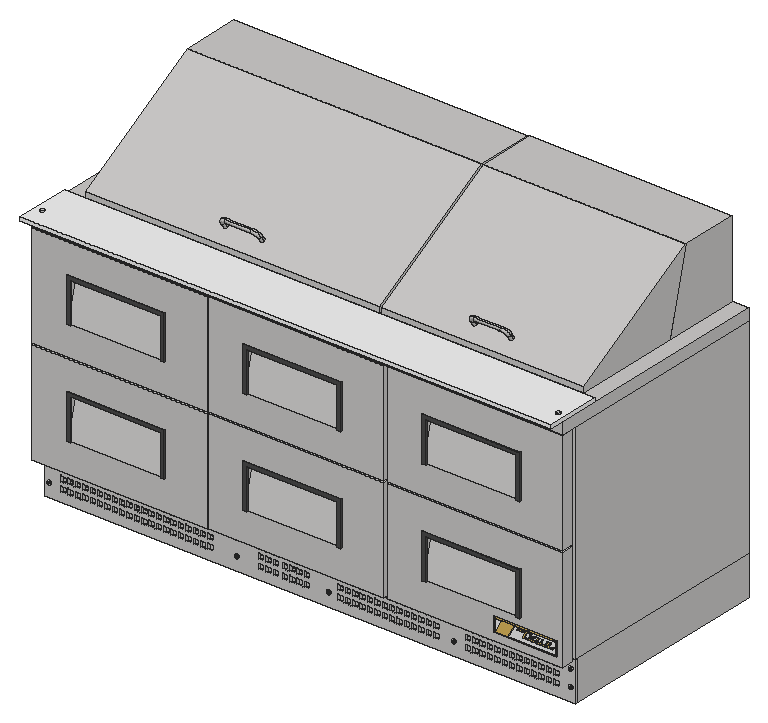
Revit family (continued)
Forms (in)
  Extrusion 66, solid, material "QF_Finishes_Handrails and Railings"
    sketch origin (34.76605, -12.67471, -2.21999) x (0, 1, 0) y (0, 0, -1)
      loop
        line (-31.51386, -4.98574) -> (-28.76575, -4.98574) -> (-28.76575, -3.40024)
        arc (-28.76575, -3.40024) -> (-29.21858, -2.8289) -> (-29.89421, -3.10275) r 0.60806
        line (-29.89421, -3.10275) -> (-31.17057, -4.78914) -> (-31.51386, -4.78914) -> (-31.51386, -4.98574)
    from 1.175 to 1.325
  Revolve 67, solid, material "QF_Finishes_Black"
    sketch origin (30.76401, -18.86079, 0.25) x (1, 0, 0) y (0, 0, 1)
      loop
        line (2.62908, 2.14592) -> (2.525, 2.25) -> (1.475, 2.25) -> (1.375, 2.15) -> (1.375, 1.10871) -> (1.05969, 1.10871) -> (1.05969, 1) -> (2.94031, 1) -> (2.94031, 1.10871) -> (2.62908, 1.10871) -> (2.62908, 2.14592)
      axis (2.94031, 1) -> (1.05969, 1)
    angle from 0 to 360
  Revolve 68, solid, material "QF_Finishes_Chrome - Satin"
    sketch origin (30.76605, -19.61026, -2.97972) x (1, 0, 0) y (0, 0, 1)
      loop
        line (2, 5.74546) -> (2, 5.97972) -> (0.70293, 5.97972) -> (0.70293, 5.74546) -> (2, 5.74546)
      axis (2, 5.74546) -> (2, 5.97972)
    angle from 0 to 360
  Extrusion 69, solid, material "QF_Finishes_Handrails and Railings"
    sketch origin (-17.0152, 8.85654, -2.47972) x (0, 1, 0) y (0, 0, 1)
      loop
        line (-29.85761, 5.24546) -> (-29.85761, 5.04886) -> (-27.1095, 5.04886) -> (-27.1095, 5.24546) -> (-29.85761, 5.24546)
    from 49.10625 to 50.45625
  Extrusion 70, solid, material "QF_Finishes_Handrails and Railings"
    sketch origin (30.76605, 10.51279, -2.21999) x (0, 1, 0) y (0, 0, 1)
      loop
        line (-31.51386, 4.98574) -> (-31.51386, 4.78914) -> (-31.17057, 4.78914) -> (-29.89421, 3.10275)
        arc (-29.89421, 3.10275) -> (-29.21858, 2.8289) -> (-28.76575, 3.40024) r 0.60806
        line (-28.76575, 3.40024) -> (-28.76575, 4.98574) -> (-31.51386, 4.98574)
    from 1.175 to 1.325
  Extrusion 71, solid, material "QF_Finishes_Handrails and Railings"
    sketch origin (34.76605, 10.51279, -2.21999) x (0, 1, 0) y (0, 0, -1)
      loop
        line (-31.51386, -4.98574) -> (-28.76575, -4.98574) -> (-28.76575, -3.40024)
        arc (-28.76575, -3.40024) -> (-29.21858, -2.8289) -> (-29.89421, -3.10275) r 0.60806
        line (-29.89421, -3.10275) -> (-31.17057, -4.78914) -> (-31.51386, -4.78914) -> (-31.51386, -4.98574)
    from 1.175 to 1.325
  Extrusion 72, solid, material "QF_Finishes_Stainless Steel"
    sketch origin (0, -15, 0) x (1, 0, 0) y (0, 0, 1)
      loop
        line (0, 6.04042) -> (23.8125, 6.04042) -> (23.8125, 20.03323) -> (0, 20.03323) -> (0, 6.04042)
      loop
        line (23.8125, 34.28323) -> (0, 34.28323) -> (0, 20.28323) -> (23.8125, 20.28323) -> (23.8125, 34.28323)
      loop
        line (4.78125, 24.28323) -> (18.03125, 24.28323) -> (18.03125, 30.28323) -> (4.78125, 30.28323) -> (4.78125, 24.28323)
      loop
        line (4.78125, 10.04042) -> (18.03125, 10.04042) -> (18.03125, 16.04042) -> (4.78125, 16.04042) -> (4.78125, 10.04042)
    from 31.44201 to 33
  Extrusion 73, solid, material "QF_Finishes_Drawer Clearance", visible <- "Show Clearance", detail levels coarse
    sketch origin (47.4169, 20.29294, 0) x (-1, 0, 0) y (0, -1, 0)
      loop
        line (23.6044, 68.29294) -> (47.4169, 68.29294) -> (47.4169, 92.66794) -> (23.6044, 92.66794) -> (23.6044, 68.29294)
    from 6.04042 to 34.28323
  Extrusion 74, solid, material "QF_Finishes_Stainless Steel"
    sketch origin (0, 1.5, -14.24281) x (0, 1, 0) y (0, 0, 1)
      loop
        line (-47.94201, 30.28323) -> (-49.5, 24.28323) -> (-47.94201, 24.28323) -> (-47.94201, 30.28323)
    from 4.78125 to 18.03125
  Extrusion 75, solid, material "QF_Finishes_Black"
    sketch origin (-4.65625, -48, -14.24281) x (1, 0, 0) y (0, 0, 1)
      loop
        line (22.6875, 30.28323) -> (9.4375, 30.28323) -> (9.4375, 24.28323) -> (9.9375, 24.28323) -> (9.9375, 29.78323) -> (22.1875, 29.78323) -> (22.1875, 24.28323) -> (22.6875, 24.28323) -> (22.6875, 30.28323)
    from 0 to 0.125
  Extrusion 76, solid, material "QF_Finishes_Stainless Steel"
    sketch origin (24, -15, 0) x (1, 0, 0) y (0, 0, 1)
      loop
        line (0, 6.04042) -> (23.8125, 6.04042) -> (23.8125, 20.03323) -> (0, 20.03323) -> (0, 6.04042)
      loop
        line (23.8125, 34.28323) -> (0, 34.28323) -> (0, 20.28323) -> (23.8125, 20.28323) -> (23.8125, 34.28323)
      loop
        line (4.78125, 24.28323) -> (18.03125, 24.28323) -> (18.03125, 30.28323) -> (4.78125, 30.28323) -> (4.78125, 24.28323)
      loop
        line (4.78125, 10.04042) -> (18.03125, 10.04042) -> (18.03125, 16.04042) -> (4.78125, 16.04042) -> (4.78125, 10.04042)
    from 31.44201 to 33
  Extrusion 77, solid, material "QF_Finishes_Stainless Steel"
    sketch origin (24, 1.5, -14.24281) x (0, 1, 0) y (0, 0, 1)
      loop
        line (-47.94201, 30.28323) -> (-49.5, 24.28323) -> (-47.94201, 24.28323) -> (-47.94201, 30.28323)
    from 4.78125 to 18.03125
  Extrusion 78, solid, material "QF_Finishes_Black"
    sketch origin (19.34375, -48, -14.24281) x (1, 0, 0) y (0, 0, 1)
      loop
        line (22.6875, 30.28323) -> (9.4375, 30.28323) -> (9.4375, 24.28323) -> (9.9375, 24.28323) -> (9.9375, 29.78323) -> (22.1875, 29.78323) -> (22.1875, 24.28323) -> (22.6875, 24.28323) -> (22.6875, 30.28323)
    from 0 to 0.125
  Extrusion 79, solid, material "QF_Finishes_Stainless Steel"
    sketch origin (48.3125, 1.5, 0) x (0, 1, 0) y (0, 0, 1)
      loop
        line (-47.94201, 30.28323) -> (-49.5, 24.28323) -> (-47.94201, 24.28323) -> (-47.94201, 30.28323)
    from 4.78125 to 18.03125
  Extrusion 80, solid, material "QF_Finishes_Black"
    sketch origin (43.65625, -48, 0) x (1, 0, 0) y (0, 0, 1)
      loop
        line (22.6875, 30.28323) -> (9.4375, 30.28323) -> (9.4375, 24.28323) -> (9.9375, 24.28323) -> (9.9375, 29.78323) -> (22.1875, 29.78323) -> (22.1875, 24.28323) -> (22.6875, 24.28323) -> (22.6875, 30.28323)
    from 0 to 0.125
  Extrusion 81, solid, material "QF_Finishes_Stainless Steel"
    sketch origin (48.3125, -15, 0) x (1, 0, 0) y (0, 0, 1)
      loop
        line (0, 6.04042) -> (23.8125, 6.04042) -> (23.8125, 20.03323) -> (0, 20.03323) -> (0, 6.04042)
      loop
        line (23.8125, 34.28323) -> (0, 34.28323) -> (0, 20.28323) -> (23.8125, 20.28323) -> (23.8125, 34.28323)
      loop
        line (4.78125, 24.28323) -> (18.03125, 24.28323) -> (18.03125, 30.28323) -> (4.78125, 30.28323) -> (4.78125, 24.28323)
      loop
        line (4.78125, 10.04042) -> (18.03125, 10.04042) -> (18.03125, 16.04042) -> (4.78125, 16.04042) -> (4.78125, 10.04042)
    from 31.44201 to 33
  Extrusion 82, solid, material "QF_Finishes_Stainless Steel"
    sketch origin (48.3125, 1.5, -14.24281) x (0, 1, 0) y (0, 0, 1)
      loop
        line (-47.94201, 30.28323) -> (-49.5, 24.28323) -> (-47.94201, 24.28323) -> (-47.94201, 30.28323)
    from 4.78125 to 18.03125
  Extrusion 83, solid, material "QF_Finishes_Black"
    sketch origin (43.65625, -48, -14.24281) x (1, 0, 0) y (0, 0, 1)
      loop
        line (22.6875, 30.28323) -> (9.4375, 30.28323) -> (9.4375, 24.28323) -> (9.9375, 24.28323) -> (9.9375, 29.78323) -> (22.1875, 29.78323) -> (22.1875, 24.28323) -> (22.6875, 24.28323) -> (22.6875, 30.28323)
    from 0 to 0.125
  Extrusion 84, solid, material "QF_Finishes_Drawer Clearance", visible <- "Show Clearance", detail levels coarse
    sketch origin (95.7294, 20.29294, 0) x (-1, 0, 0) y (0, -1, 0)
      loop
        line (23.6044, 68.29294) -> (47.4169, 68.29294) -> (47.4169, 92.66794) -> (23.6044, 92.66794) -> (23.6044, 68.29294)
    from 6.04042 to 34.28323
  Extrusion 85, solid, material "QF_Finishes_Drawer Clearance", visible <- "Show Clearance", detail levels coarse
    sketch origin (71.4169, 20.29294, 0) x (-1, 0, 0) y (0, -1, 0)
      loop
        line (23.6044, 68.29294) -> (47.4169, 68.29294) -> (47.4169, 92.66794) -> (23.6044, 92.66794) -> (23.6044, 68.29294)
    from 6.04042 to 34.28323
Cuts and joins
  joined: Extrusion 4, Extrusion 5
Lines and regions (in)
  symbolic lines
    curve 1: line (0, -16.5, 0) -> (72.125, -16.5, 0)
    curve 2: line (0, -50.03125, 0) -> (0, -16.5, 0)
    curve 3: line (72.125, -50.03125, 0) -> (0, -50.03125, 0)
    curve 4: line (72.125, -16.5, 0) -> (72.125, -50.03125, 0)
    curve 5: line (72.125, -42.53125, 0) -> (0, -42.53125, 0)
    curve 6: line (2.31237, -41.71875, 0) -> (69.875, -41.71875, 0)
    curve 7: line (2.31237, -16.5, 0) -> (2.31237, -41.71875, 0)
    curve 8: line (69.875, -41.71875, 0) -> (69.875, -16.5, 0)
    curve 9: line (69.875, -24.34375, 0) -> (2.31237, -24.34375, 0)
    curve 10: line (19.93557, -39.73092, 0) -> (19.93557, -40.15076, 0)
    curve 11: line (20.32059, -40.29072, 0) -> (24.03934, -40.29072, 0)
    curve 12: arc (19.93557, -40.15076, 0) -> (20.11576, -40.25465, 0) -> (20.32059, -40.29072, 0) r 0.59956
    curve 13: arc (24.42435, -40.15076, 0) -> (24.24417, -40.25465, 0) -> (24.03934, -40.29072, 0) r 0.59956
    curve 14: line (24.42435, -39.73092, 0) -> (24.42435, -40.15076, 0)
    curve 15: arc (24.42435, -39.73092, 0) -> (24.67408, -39.52766, 0) -> (24.92382, -39.73092, 0) r 0.25505
    curve 16: arc (19.93557, -39.73092, 0) -> (19.68584, -39.52766, 0) -> (19.43611, -39.73092, 0) r 0.25505
    curve 17: line (19.43611, -39.73092, 0) -> (19.43611, -40.16593, 0)
    curve 18: arc (19.43611, -40.16593, 0) -> (19.49713, -40.40944, 0) -> (19.66576, -40.59539, 0) r 0.51637
    curve 19: arc (19.66576, -40.59539, 0) -> (19.99938, -40.74999, 0) -> (20.36422, -40.79567, 0) r 1.19313
    curve 20: line (20.36422, -40.79567, 0) -> (24.06766, -40.79567, 0)
    curve 21: line (24.92382, -39.73092, 0) -> (24.92382, -40.16593, 0)
    curve 22: arc (24.92382, -40.16593, 0) -> (24.8628, -40.40944, 0) -> (24.69416, -40.59539, 0) r 0.51637
    curve 23: arc (24.69416, -40.59539, 0) -> (24.39498, -40.73955, 0) -> (24.06766, -40.79567, 0) r 1.19313
    curve 24: circle (1, -47.5255, 0) r 0.25 normal (0, 0, 1)
    curve 41: line (58.24439, -39.75557, 0) -> (58.24439, -40.17542, 0)
    curve 42: line (57.85938, -40.31537, 0) -> (54.14063, -40.31537, 0)
    curve 43: arc (58.24439, -40.17542, 0) -> (58.06421, -40.2793, 0) -> (57.85938, -40.31537, 0) r 0.59956
    curve 44: arc (53.75561, -40.17542, 0) -> (53.93579, -40.2793, 0) -> (54.14063, -40.31537, 0) r 0.59956
    curve 45: line (53.75561, -39.75557, 0) -> (53.75561, -40.17542, 0)
    curve 46: arc (53.75561, -39.75557, 0) -> (53.50588, -39.55231, 0) -> (53.25614, -39.75557, 0) r 0.25505
    curve 47: arc (58.24439, -39.75557, 0) -> (58.49412, -39.55231, 0) -> (58.74386, -39.75557, 0) r 0.25505
    curve 48: line (58.74386, -39.75557, 0) -> (58.74386, -40.19059, 0)
    curve 49: arc (58.74386, -40.19059, 0) -> (58.68284, -40.43409, 0) -> (58.5142, -40.62004, 0) r 0.51637
    curve 50: arc (58.5142, -40.62004, 0) -> (58.18059, -40.77465, 0) -> (57.81574, -40.82032, 0) r 1.19313
    curve 51: line (57.81574, -40.82032, 0) -> (54.1123, -40.82032, 0)
    curve 52: line (53.25614, -39.75557, 0) -> (53.25614, -40.19059, 0)
    curve 53: arc (53.25614, -40.19059, 0) -> (53.31716, -40.43409, 0) -> (53.4858, -40.62004, 0) r 0.51637
    curve 54: arc (53.4858, -40.62004, 0) -> (53.78498, -40.76421, 0) -> (54.1123, -40.82032, 0) r 1.19313
    curve 55: line (42.1875, -16.5, 0) -> (42.1875, -41.71875, 0)
  symbolic lines, style "SpecialityEquipmentHiddenLines"
    curve 25: line (3.93527, -17.51233, 0) -> (4.85647, -18.04419, 0)
    curve 26: line (2.68527, -19.67739, 0) -> (3.93527, -17.51233, 0)
    curve 27: line (3.60647, -20.20925, 0) -> (2.68527, -19.67739, 0)
    curve 28: line (4.85647, -18.04419, 0) -> (3.60647, -20.20925, 0)
    curve 29: line (68.77817, -17.51233, 0) -> (69.69937, -18.04419, 0)
    curve 30: line (67.52817, -19.67739, 0) -> (68.77817, -17.51233, 0)
    curve 31: line (68.44937, -20.20925, 0) -> (67.52817, -19.67739, 0)
    curve 32: line (69.69937, -18.04419, 0) -> (68.44937, -20.20925, 0)
    curve 33: line (3.93527, -40.69983, 0) -> (4.85647, -41.23169, 0)
    curve 34: line (2.68527, -42.86489, 0) -> (3.93527, -40.69983, 0)
    curve 35: line (3.60647, -43.39675, 0) -> (2.68527, -42.86489, 0)
    curve 36: line (4.85647, -41.23169, 0) -> (3.60647, -43.39675, 0)
    curve 37: line (68.77817, -40.69983, 0) -> (69.69937, -41.23169, 0)
    curve 38: line (67.52817, -42.86489, 0) -> (68.77817, -40.69983, 0)
    curve 39: line (68.44937, -43.39675, 0) -> (67.52817, -42.86489, 0)
    curve 40: line (69.69937, -41.23169, 0) -> (68.44937, -43.39675, 0)
  symbolic lines, style "QF_Drawer Clearance", visible <- "Show Clearance"
    curve 56: line (23.8125, -72.375, 0) -> (23.8125, -48, 0)
    curve 57: line (0, -72.375, 0) -> (23.8125, -72.375, 0)
    curve 58: line (0, -48, 0) -> (0, -72.375, 0)
    curve 59: line (72.125, -72.375, 0) -> (72.125, -48, 0)
    curve 60: line (48.3125, -72.375, 0) -> (72.125, -72.375, 0)
    curve 61: line (48.3125, -48, 0) -> (48.3125, -72.375, 0)
    curve 62: line (47.8125, -72.375, 0) -> (47.8125, -48, 0)
    curve 63: line (24, -72.375, 0) -> (47.8125, -72.375, 0)
    curve 64: line (24, -48, 0) -> (24, -72.375, 0)
Dimensions and locks (in)
  plane 3 "LEFT" to plane 4 "RIGHT" = 72 1/8"
  plane 4 "RIGHT" to plane 3 "LEFT" = 72 1/8"  (x2)
  plane 6 "TOP" to level = 46 1/2"
  plane 5 "FRONT" to plane 1 "BACK" = 33 17/32"  (x2)
  Extrusion 1 to Extrusion 1 = 39 31/32"
  Extrusion 2 to plane 1 "BACK" = 7 27/32"
  Extrusion 2 to plane 1 "BACK" = 10 11/16"
  Extrusion 2 to plane 1 "BACK" = 25 7/32"
  plane 6 "TOP" to Extrusion 3 = 10 1/2"
  cut or joined group of Extrusion 4, Extrusion 5 to Extrusion 3 = 33"
  cut or joined group of Extrusion 4, Extrusion 5 to level = 3/4"
  plane 3 "LEFT" to Extrusion 2 = 2 7/32"
  Extrusion 25 to Extrusion 25 = 27 1/2"
  plane 4 "RIGHT" to Extrusion 26 = 2 3/16"
  plane 9 to plane 3 "LEFT" = 72 1/8"
  aligned and locked: level to plane 2
  aligned and locked: Extrusion 1 to Extrusion 2
  aligned and locked: Extrusion 2 to Extrusion 1
  aligned and locked: plane 4 "RIGHT" to Extrusion 3
  aligned: cut or joined group of Extrusion 4, Extrusion 5 to cut or joined group of Extrusion 4, Extrusion 5
  aligned and locked: Extrusion 10 to Extrusion 11  (x4)
  aligned and locked: Extrusion 1 sketch curve to Extrusion 2
  aligned and locked: Extrusion 14 to Revolve 13
  aligned and locked: Revolve 13 to Revolve 13
  aligned and locked: Extrusion 19 to Revolve 18
  aligned and locked: Revolve 18 to Revolve 18
  aligned and locked: Extrusion 25 to Extrusion 26
  aligned and locked: Extrusion 26 to Extrusion 25
  aligned and locked: Extrusion 26 to Extrusion 25 sketch curve
  aligned and locked: Extrusion 32 to Revolve 31
  aligned and locked: Revolve 31 to Revolve 31
  aligned and locked: Extrusion 37 to Revolve 36
  aligned and locked: Revolve 36 to Revolve 36
  aligned and locked: Extrusion 54 to Revolve 53
  aligned and locked: Revolve 53 to Revolve 53
  aligned and locked: Extrusion 59 to Revolve 58
  aligned and locked: Revolve 58 to Revolve 58
  aligned and locked: Extrusion 64 to Revolve 63
  aligned and locked: Revolve 63 to Revolve 63
  aligned and locked: Extrusion 69 to Revolve 68
  aligned and locked: Revolve 68 to Revolve 68
Connectors (in)
  electrical at (69.81237, -16.5, 6.1875), driven by "Volts", driven by "Watts"
    settings: on Extrusion 22, index 1, voltage 115 V, apparent load 586.5 VA, apparent load phase1 0 VA, apparent load phase2 0 VA, apparent load phase3 0 VA, power factor 1, load classification "Other", number of poles 1, system type 30, power factor state 1, is connector primary yes, connector utility no, sub classification motor no, connector description "Electrical Connection"
